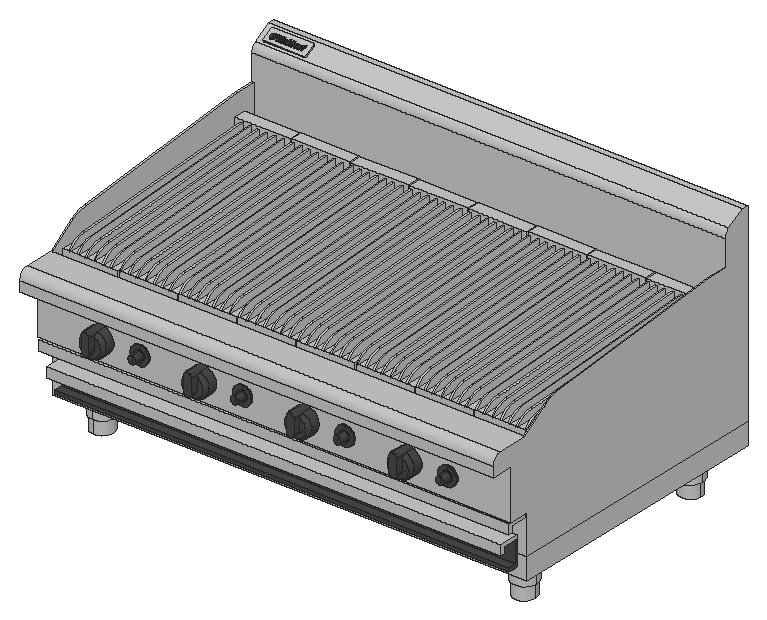
Revit family "QF_MOFFAT WALDORF_CH8120G-B", category Specialty Equipment, Revit 2012 (continued)
Automatic sketch dimensions
  curve 47 to curve 50 = 0 mm
  curve 103 to curve 105 = 0 mm  (x2)
  curve 51 to curve 54 = 0 mm
  curve 99 to curve 101 = 0 mm  (x2)
  curve 55 to curve 58 = 0 mm
  plane 1 "BACK" to curve 79 = 50.526 mm
  curve 95 to curve 97 = 0 mm  (x2)
  curve 59 to curve 65 = 0 mm
  curve 91 to curve 93 = 0 mm  (x2)
  curve 66 to curve 69 = 0 mm
  curve 87 to curve 89 = 0 mm  (x2)
  curve 70 to curve 73 = 0 mm
  curve 83 to curve 85 = 0 mm  (x2)
  plane 1 "BACK" to curve 81 = 22.262 mm
  plane 1 "BACK" to curve 80 = 22.262 mm
  plane 1 "BACK" to curve 76 = 22.262 mm
  plane 1 "BACK" to curve 72 = 22.262 mm
  plane 1 "BACK" to curve 68 = 22.262 mm
  plane 1 "BACK" to curve 61 = 22.262 mm
  plane 1 "BACK" to curve 57 = 22.262 mm
  plane 1 "BACK" to curve 53 = 22.262 mm
  plane 1 "BACK" to curve 49 = 22.262 mm
  plane 1 "BACK" to curve 45 = 22.262 mm
  plane 1 "BACK" to curve 41 = 22.262 mm
  plane 1 "BACK" to curve 37 = 22.262 mm
  plane 1 "BACK" to curve 33 = 22.262 mm
  plane 1 "BACK" to curve 29 = 22.262 mm
  plane 1 "BACK" to curve 25 = 22.262 mm
  plane 1 "BACK" to curve 21 = 22.262 mm
  plane 1 "BACK" to curve 17 = 22.262 mm
  curve 13 to curve 7 = 1.304 mm
  Extrusion 1 sketch curve to plane 5 "FRONT" = 0 mm
  Extrusion 1 sketch curve to plane 6 "TOP" = 0 mm
  Extrusion 1 sketch curve to plane 1 "BACK" = 0 mm  (x2)
  Extrusion 1 sketch curve to plane 5 "FRONT" = 24 mm
  Extrusion 1 sketch curve to plane 5 "FRONT" = 56 mm
  Extrusion 1 sketch curve to Extrusion 1 sketch curve = 44 mm
  Extrusion 1 sketch curve to plane 5 "FRONT" = 106 mm
  Extrusion 1 sketch curve to Extrusion 1 sketch curve = 0 mm
  plane 1 "BACK" to Extrusion 1 sketch curve = 70 mm
  Extrusion 1 sketch curve to plane 6 "TOP" = 24.369 mm
  Extrusion 1 sketch curve to Extrusion 1 sketch curve = 11.291 mm  (x2)
  Extrusion 1 sketch curve to Extrusion 1 sketch curve = 16.5 mm
  Extrusion 1 sketch curve to plane 6 "TOP" = 215 mm
  Extrusion 1 sketch curve to Extrusion 1 sketch curve = 211.074 mm
  Extrusion 1 sketch curve to Extrusion 1 sketch curve = 25 mm
  Extrusion 1 sketch curve to Extrusion 1 sketch curve = 135 mm
  level to Extrusion 1 sketch curve = 140 mm
  Extrusion 1 sketch curve to Extrusion 1 sketch curve = 0.794 mm
  Extrusion 1 sketch curve to Extrusion 1 sketch curve = 54.206 mm
  Extrusion 1 to Split face 1 sketch curve = 1.962 mm
  Split face 1 sketch curve to Extrusion 1 = 14.14 mm
  Split face 1 sketch curve to Extrusion 1 = 129.583 mm
  Split face 1 sketch curve to Split face 1 sketch curve = 20 mm
  Extrusion 1 to Split face 2 sketch curve = 1.962 mm
  Split face 2 sketch curve to Extrusion 1 = 14.14 mm
  Split face 2 sketch curve to Extrusion 1 = 156.5 mm
  Split face 2 sketch curve to Split face 2 sketch curve = 20 mm
  Extrusion 1 to Split face 3 sketch curve = 1.962 mm
  Split face 3 sketch curve to Extrusion 1 = 14.14 mm
  Split face 3 sketch curve to Extrusion 1 = 183.5 mm
  Split face 3 sketch curve to Split face 3 sketch curve = 20 mm
  Extrusion 1 to Split face 4 sketch curve = 1.962 mm
  Split face 4 sketch curve to Extrusion 1 = 14.14 mm
  Split face 4 sketch curve to Extrusion 1 = 210.5 mm
  Split face 4 sketch curve to Split face 4 sketch curve = 20 mm
  Extrusion 1 to Split face 5 sketch curve = 1.962 mm
  Split face 5 sketch curve to Extrusion 1 = 14.14 mm
  Split face 5 sketch curve to Extrusion 1 = 237.5 mm
  Split face 5 sketch curve to Split face 5 sketch curve = 20 mm
  Extrusion 1 to Split face 6 sketch curve = 1.962 mm
  Split face 6 sketch curve to Extrusion 1 = 14.14 mm
  Split face 6 sketch curve to Extrusion 1 = 264.5 mm
  Split face 6 sketch curve to Split face 6 sketch curve = 20 mm
  Extrusion 1 to Split face 7 sketch curve = 1.962 mm
  Split face 7 sketch curve to Extrusion 1 = 14.14 mm
  Split face 7 sketch curve to Extrusion 1 = 291.5 mm
  Split face 7 sketch curve to Split face 7 sketch curve = 20 mm
  Extrusion 1 to Split face 8 sketch curve = 1.962 mm
  Split face 8 sketch curve to Extrusion 1 = 14.14 mm
  Split face 8 sketch curve to Extrusion 1 = 318.5 mm
  Split face 8 sketch curve to Split face 8 sketch curve = 20 mm
  Extrusion 1 to Split face 9 sketch curve = 1.962 mm
  Split face 9 sketch curve to Extrusion 1 = 14.14 mm
  Split face 9 sketch curve to Extrusion 1 = 345.5 mm
  Split face 9 sketch curve to Split face 9 sketch curve = 20 mm
  Extrusion 1 to Split face 10 sketch curve = 1.962 mm
  Split face 10 sketch curve to Extrusion 1 = 14.14 mm
  Split face 10 sketch curve to Extrusion 1 = 372.579 mm
  Split face 10 sketch curve to Split face 10 sketch curve = 20 mm
  Extrusion 1 to Split face 11 sketch curve = 1.962 mm
  Split face 11 sketch curve to Extrusion 1 = 14.14 mm
  Split face 11 sketch curve to Extrusion 1 = 399.534 mm
  Split face 11 sketch curve to Split face 11 sketch curve = 20 mm
  Revolve 4 sketch curve to level = 0 mm
  level to Revolve 4 sketch curve = 35 mm
  Revolve 4 sketch curve to plane 5 "FRONT" = 148.25 mm
  Revolve 4 sketch curve to Revolve 4 sketch curve = 4.25 mm
  Revolve 4 sketch curve to Revolve 4 sketch curve = 27.5 mm  (x2)
  Revolve 4 sketch curve to Revolve 4 sketch curve = 55 mm
  Revolve 4 sketch curve to Revolve 4 sketch curve = 15 mm
  Revolve 4 sketch curve to Revolve 4 sketch curve = 35 mm
  Extrusion 6 sketch curve to plane 5 "FRONT" = 100 mm
  Extrusion 6 sketch curve to Extrusion 6 sketch curve = 64.494 mm
  Extrusion 6 sketch curve to Extrusion 6 sketch curve = 40.449 mm
  Extrusion 6 sketch curve to Extrusion 6 sketch curve = 9.585 mm
  plane 1 "BACK" to Extrusion 6 sketch curve = 121.455 mm
  Extrusion 6 sketch curve to Extrusion 6 sketch curve = 51.455 mm
  Extrusion 6 sketch curve to plane 6 "TOP" = 256.424 mm
  Extrusion 6 sketch curve to Extrusion 6 sketch curve = 1.424 mm
  Extrusion 6 sketch curve to Extrusion 6 sketch curve = 40 mm
  Extrusion 6 sketch curve to Extrusion 6 sketch curve = 45.159 mm
  Extrusion 6 sketch curve to plane 6 "TOP" = 110.8 mm
  Extrusion 7 sketch curve to plane 5 "FRONT" = 100 mm
  Extrusion 7 sketch curve to Extrusion 7 sketch curve = 64.494 mm
  Extrusion 7 sketch curve to Extrusion 7 sketch curve = 40.449 mm
  Extrusion 7 sketch curve to Extrusion 7 sketch curve = 50.034 mm
  plane 1 "BACK" to Extrusion 7 sketch curve = 121.455 mm
  Extrusion 7 sketch curve to Extrusion 7 sketch curve = 51.455 mm
  Extrusion 7 sketch curve to plane 6 "TOP" = 110.8 mm
  Extrusion 7 sketch curve to plane 6 "TOP" = 156.884 mm
  Extrusion 7 sketch curve to Extrusion 7 sketch curve = 12.957 mm
  Extrusion 7 sketch curve to Extrusion 7 sketch curve = 45.159 mm
  Extrusion 7 sketch curve to Extrusion 7 sketch curve = 40 mm
  Revolve 8 sketch curve to plane 5 "FRONT" = 12 mm
  Revolve 8 sketch curve to Revolve 8 sketch curve = 0 mm  (x2)
  Revolve 8 sketch curve to Revolve 8 sketch curve = 11 mm
  Revolve 8 sketch curve to Revolve 8 sketch curve = 12.7 mm
  Revolve 8 sketch curve to Revolve 8 sketch curve = 23 mm
  Revolve 8 sketch curve to Revolve 8 sketch curve = 10 mm
  level to Revolve 8 sketch curve = 297 mm
  Revolve 8 sketch curve to Revolve 8 sketch curve = 5 mm
  Revolve 8 sketch curve to Revolve 8 sketch curve = 26.651 mm
  Revolve 8 sketch curve to Revolve 8 sketch curve = 5.849 mm
  Revolve 10 sketch curve to plane 5 "FRONT" = 12 mm
  Revolve 10 sketch curve to Revolve 10 sketch curve = 0 mm  (x2)
  Revolve 10 sketch curve to Revolve 10 sketch curve = 11 mm
  Revolve 10 sketch curve to Revolve 10 sketch curve = 12.7 mm
  Revolve 10 sketch curve to Revolve 10 sketch curve = 23 mm
  Revolve 10 sketch curve to Revolve 10 sketch curve = 10 mm
  Revolve 10 sketch curve to plane 6 "TOP" = 300.5 mm
  Revolve 10 sketch curve to Revolve 10 sketch curve = 5.849 mm
  Revolve 10 sketch curve to Revolve 10 sketch curve = 27.5 mm
  Revolve 10 sketch curve to Revolve 10 sketch curve = 5 mm
  Revolve 12 sketch curve to plane 5 "FRONT" = 20.12 mm
  Revolve 12 sketch curve to Revolve 12 sketch curve = 6.83 mm
  Revolve 12 sketch curve to Revolve 12 sketch curve = 15.2 mm
  Revolve 12 sketch curve to Revolve 12 sketch curve = 1.144 mm
  Revolve 12 sketch curve to Revolve 12 sketch curve = 3.85 mm
  Revolve 12 sketch curve to Revolve 12 sketch curve = 0 mm  (x2)
  Revolve 12 sketch curve to Revolve 12 sketch curve = 10 mm
  level to Revolve 12 sketch curve = 297 mm
  Revolve 12 sketch curve to Revolve 12 sketch curve = 5 mm
  Revolve 12 sketch curve to Revolve 12 sketch curve = 4.825 mm
  Revolve 12 sketch curve to Revolve 12 sketch curve = 3.025 mm
  Revolve 12 sketch curve to Revolve 12 sketch curve = 11.15 mm
  Revolve 13 sketch curve to plane 5 "FRONT" = 20.12 mm
  Revolve 13 sketch curve to Revolve 13 sketch curve = 6.83 mm
  Revolve 13 sketch curve to Revolve 13 sketch curve = 15.2 mm
  Revolve 13 sketch curve to Revolve 13 sketch curve = 1.144 mm
  Revolve 13 sketch curve to Revolve 13 sketch curve = 3.85 mm
  Revolve 13 sketch curve to Revolve 13 sketch curve = 0 mm  (x2)
  Revolve 13 sketch curve to Revolve 13 sketch curve = 10 mm
  level to Revolve 13 sketch curve = 297 mm
  Revolve 13 sketch curve to Revolve 13 sketch curve = 5 mm
  Revolve 13 sketch curve to Revolve 13 sketch curve = 4.825 mm
  Revolve 13 sketch curve to Revolve 13 sketch curve = 3.025 mm
  Revolve 13 sketch curve to Revolve 13 sketch curve = 11.15 mm
  Extrusion 14 sketch curve to plane 5 "FRONT" = 128 mm
  Extrusion 14 sketch curve to Extrusion 14 sketch curve = 46.148 mm
  Extrusion 14 sketch curve to Extrusion 14 sketch curve = 50.262 mm
  plane 1 "BACK" to Extrusion 14 sketch curve = 132 mm
  Extrusion 14 sketch curve to plane 6 "TOP" = 265.155 mm
  Extrusion 14 sketch curve to plane 6 "TOP" = 219.636 mm
  Extrusion 14 sketch curve to Extrusion 14 sketch curve = 52.486 mm
  Extrusion 15 sketch curve to plane 5 "FRONT" = 128 mm
  Extrusion 15 sketch curve to Extrusion 15 sketch curve = 46.148 mm
  Extrusion 15 sketch curve to Extrusion 15 sketch curve = 4.114 mm
  plane 1 "BACK" to Extrusion 15 sketch curve = 132 mm
  Extrusion 15 sketch curve to plane 6 "TOP" = 265.155 mm
  Extrusion 15 sketch curve to plane 6 "TOP" = 219.636 mm
  Extrusion 15 sketch curve to Extrusion 15 sketch curve = 52.486 mm
  Extrusion 16 sketch curve to plane 5 "FRONT" = 128 mm
  Extrusion 16 sketch curve to Extrusion 16 sketch curve = 46.148 mm
  Extrusion 16 sketch curve to Extrusion 16 sketch curve = 50.262 mm
  plane 1 "BACK" to Extrusion 16 sketch curve = 132 mm
  Extrusion 16 sketch curve to plane 6 "TOP" = 265.155 mm
  Extrusion 16 sketch curve to plane 6 "TOP" = 219.636 mm
  Extrusion 16 sketch curve to Extrusion 16 sketch curve = 52.486 mm
  Extrusion 17 sketch curve to plane 5 "FRONT" = 128 mm
  Extrusion 17 sketch curve to Extrusion 17 sketch curve = 46.148 mm
  Extrusion 17 sketch curve to Extrusion 17 sketch curve = 4.114 mm
  plane 1 "BACK" to Extrusion 17 sketch curve = 132 mm
  Extrusion 17 sketch curve to plane 6 "TOP" = 265.155 mm
  Extrusion 17 sketch curve to plane 6 "TOP" = 219.636 mm
  Extrusion 17 sketch curve to Extrusion 17 sketch curve = 52.486 mm
  Extrusion 18 sketch curve to plane 5 "FRONT" = 128 mm
  Extrusion 18 sketch curve to Extrusion 18 sketch curve = 46.148 mm
  Extrusion 18 sketch curve to Extrusion 18 sketch curve = 50.262 mm
  plane 1 "BACK" to Extrusion 18 sketch curve = 132 mm
  Extrusion 18 sketch curve to plane 6 "TOP" = 265.155 mm
  Extrusion 18 sketch curve to plane 6 "TOP" = 219.636 mm
  Extrusion 18 sketch curve to Extrusion 18 sketch curve = 52.486 mm
  Extrusion 19 sketch curve to plane 5 "FRONT" = 128 mm
  Extrusion 19 sketch curve to Extrusion 19 sketch curve = 46.148 mm
  Extrusion 19 sketch curve to Extrusion 19 sketch curve = 50.262 mm
  plane 1 "BACK" to Extrusion 19 sketch curve = 132 mm
  Extrusion 19 sketch curve to plane 6 "TOP" = 265.155 mm
  Extrusion 19 sketch curve to plane 6 "TOP" = 219.636 mm
  Extrusion 19 sketch curve to Extrusion 19 sketch curve = 52.486 mm
  Extrusion 20 sketch curve to plane 5 "FRONT" = 128 mm
  Extrusion 20 sketch curve to Extrusion 20 sketch curve = 46.148 mm
  Extrusion 20 sketch curve to Extrusion 20 sketch curve = 4.114 mm
  plane 1 "BACK" to Extrusion 20 sketch curve = 132 mm
  Extrusion 20 sketch curve to plane 6 "TOP" = 265.155 mm
  Extrusion 20 sketch curve to plane 6 "TOP" = 219.636 mm
  Extrusion 20 sketch curve to Extrusion 20 sketch curve = 52.486 mm
  Extrusion 21 sketch curve to plane 5 "FRONT" = 128 mm
  Extrusion 21 sketch curve to Extrusion 21 sketch curve = 46.148 mm
  Extrusion 21 sketch curve to Extrusion 21 sketch curve = 50.262 mm
  plane 1 "BACK" to Extrusion 21 sketch curve = 132 mm
  Extrusion 21 sketch curve to plane 6 "TOP" = 265.155 mm
  Extrusion 21 sketch curve to plane 6 "TOP" = 219.636 mm
  Extrusion 21 sketch curve to Extrusion 21 sketch curve = 52.486 mm
  Extrusion 22 sketch curve to plane 5 "FRONT" = 128 mm
  Extrusion 22 sketch curve to Extrusion 22 sketch curve = 46.148 mm
  Extrusion 22 sketch curve to Extrusion 22 sketch curve = 4.114 mm
  plane 1 "BACK" to Extrusion 22 sketch curve = 132 mm
  Extrusion 22 sketch curve to plane 6 "TOP" = 265.155 mm
  Extrusion 22 sketch curve to plane 6 "TOP" = 219.636 mm
  Extrusion 22 sketch curve to Extrusion 22 sketch curve = 52.486 mm
  Extrusion 23 sketch curve to plane 5 "FRONT" = 128 mm
  Extrusion 23 sketch curve to Extrusion 23 sketch curve = 46.148 mm
  Extrusion 23 sketch curve to Extrusion 23 sketch curve = 50.262 mm
  plane 1 "BACK" to Extrusion 23 sketch curve = 132 mm
  Extrusion 23 sketch curve to plane 6 "TOP" = 265.155 mm
  Extrusion 23 sketch curve to plane 6 "TOP" = 219.636 mm
  Extrusion 23 sketch curve to Extrusion 23 sketch curve = 52.486 mm
  Extrusion 24 sketch curve to plane 5 "FRONT" = 128 mm
  Extrusion 24 sketch curve to Extrusion 24 sketch curve = 46.148 mm
  Extrusion 24 sketch curve to Extrusion 24 sketch curve = 4.114 mm
  plane 1 "BACK" to Extrusion 24 sketch curve = 132 mm
  Extrusion 24 sketch curve to plane 6 "TOP" = 265.155 mm
  Extrusion 24 sketch curve to plane 6 "TOP" = 219.636 mm
  Extrusion 24 sketch curve to Extrusion 24 sketch curve = 52.486 mm
  Extrusion 25 sketch curve to plane 5 "FRONT" = 128 mm
  Extrusion 25 sketch curve to Extrusion 25 sketch curve = 46.148 mm
  Extrusion 25 sketch curve to Extrusion 25 sketch curve = 4.114 mm
  plane 1 "BACK" to Extrusion 25 sketch curve = 132 mm
  Extrusion 25 sketch curve to plane 6 "TOP" = 265.155 mm
  Extrusion 25 sketch curve to plane 6 "TOP" = 219.636 mm
  Extrusion 25 sketch curve to Extrusion 25 sketch curve = 52.486 mm
  Extrusion 26 sketch curve to plane 5 "FRONT" = 128 mm
  Extrusion 26 sketch curve to Extrusion 26 sketch curve = 46.148 mm
  Extrusion 26 sketch curve to Extrusion 26 sketch curve = 4.114 mm
  plane 1 "BACK" to Extrusion 26 sketch curve = 132 mm
  Extrusion 26 sketch curve to plane 6 "TOP" = 265.155 mm
  Extrusion 26 sketch curve to plane 6 "TOP" = 219.636 mm
  Extrusion 26 sketch curve to Extrusion 26 sketch curve = 52.486 mm
  Extrusion 27 sketch curve to plane 5 "FRONT" = 128 mm
  Extrusion 27 sketch curve to Extrusion 27 sketch curve = 46.148 mm
  Extrusion 27 sketch curve to Extrusion 27 sketch curve = 4.114 mm
  plane 1 "BACK" to Extrusion 27 sketch curve = 132 mm
  Extrusion 27 sketch curve to plane 6 "TOP" = 265.155 mm
  Extrusion 27 sketch curve to plane 6 "TOP" = 219.636 mm
  Extrusion 27 sketch curve to Extrusion 27 sketch curve = 52.486 mm
  Extrusion 28 sketch curve to plane 5 "FRONT" = 128 mm
  Extrusion 28 sketch curve to Extrusion 28 sketch curve = 46.148 mm
  Extrusion 28 sketch curve to Extrusion 28 sketch curve = 4.114 mm
  plane 1 "BACK" to Extrusion 28 sketch curve = 132 mm
  Extrusion 28 sketch curve to plane 6 "TOP" = 265.155 mm
  Extrusion 28 sketch curve to plane 6 "TOP" = 219.636 mm
  Extrusion 28 sketch curve to Extrusion 28 sketch curve = 52.486 mm
  Extrusion 29 sketch curve to plane 5 "FRONT" = 128 mm
  Extrusion 29 sketch curve to Extrusion 29 sketch curve = 46.148 mm
  Extrusion 29 sketch curve to Extrusion 29 sketch curve = 50.262 mm
  plane 1 "BACK" to Extrusion 29 sketch curve = 132 mm
  Extrusion 29 sketch curve to plane 6 "TOP" = 265.155 mm
  Extrusion 29 sketch curve to plane 6 "TOP" = 219.636 mm
  Extrusion 29 sketch curve to Extrusion 29 sketch curve = 52.486 mm
  Extrusion 30 sketch curve to plane 5 "FRONT" = 128 mm
  Extrusion 30 sketch curve to Extrusion 30 sketch curve = 46.148 mm
  Extrusion 30 sketch curve to Extrusion 30 sketch curve = 50.262 mm
  plane 1 "BACK" to Extrusion 30 sketch curve = 132 mm
  Extrusion 30 sketch curve to plane 6 "TOP" = 265.155 mm
  Extrusion 30 sketch curve to plane 6 "TOP" = 219.636 mm
  Extrusion 30 sketch curve to Extrusion 30 sketch curve = 52.486 mm
  Extrusion 31 sketch curve to plane 5 "FRONT" = 128 mm
  Extrusion 31 sketch curve to Extrusion 31 sketch curve = 46.148 mm
  Extrusion 31 sketch curve to Extrusion 31 sketch curve = 4.114 mm
  plane 1 "BACK" to Extrusion 31 sketch curve = 132 mm
  Extrusion 31 sketch curve to plane 6 "TOP" = 265.155 mm
  Extrusion 31 sketch curve to plane 6 "TOP" = 219.636 mm
  Extrusion 31 sketch curve to Extrusion 31 sketch curve = 52.486 mm
  Extrusion 32 sketch curve to plane 5 "FRONT" = 128 mm
  Extrusion 32 sketch curve to Extrusion 32 sketch curve = 46.148 mm
  Extrusion 32 sketch curve to Extrusion 32 sketch curve = 50.262 mm
  plane 1 "BACK" to Extrusion 32 sketch curve = 132 mm
  Extrusion 32 sketch curve to plane 6 "TOP" = 265.155 mm
  Extrusion 32 sketch curve to plane 6 "TOP" = 219.636 mm
  Extrusion 32 sketch curve to Extrusion 32 sketch curve = 52.486 mm
  Extrusion 33 sketch curve to plane 5 "FRONT" = 128 mm
  Extrusion 33 sketch curve to Extrusion 33 sketch curve = 46.148 mm
  Extrusion 33 sketch curve to Extrusion 33 sketch curve = 4.114 mm
  plane 1 "BACK" to Extrusion 33 sketch curve = 132 mm
  Extrusion 33 sketch curve to plane 6 "TOP" = 265.155 mm
  Extrusion 33 sketch curve to plane 6 "TOP" = 219.636 mm
  Extrusion 33 sketch curve to Extrusion 33 sketch curve = 52.486 mm
  Extrusion 34 sketch curve to plane 5 "FRONT" = 128 mm
  Extrusion 34 sketch curve to Extrusion 34 sketch curve = 46.148 mm
  Extrusion 34 sketch curve to Extrusion 34 sketch curve = 4.114 mm
  plane 1 "BACK" to Extrusion 34 sketch curve = 132 mm
  Extrusion 34 sketch curve to plane 6 "TOP" = 265.155 mm
  Extrusion 34 sketch curve to Extrusion 34 sketch curve = 45.518 mm
  Extrusion 34 sketch curve to Extrusion 34 sketch curve = 52.486 mm
  Extrusion 35 sketch curve to plane 5 "FRONT" = 128 mm
  Extrusion 35 sketch curve to Extrusion 35 sketch curve = 46.148 mm
  Extrusion 35 sketch curve to Extrusion 35 sketch curve = 50.262 mm
  plane 1 "BACK" to Extrusion 35 sketch curve = 132 mm
  Extrusion 35 sketch curve to plane 6 "TOP" = 265.155 mm
  Extrusion 35 sketch curve to plane 6 "TOP" = 219.636 mm
  Extrusion 35 sketch curve to Extrusion 35 sketch curve = 52.486 mm
  Extrusion 36 sketch curve to plane 5 "FRONT" = 128 mm
  Extrusion 36 sketch curve to Extrusion 36 sketch curve = 46.148 mm
  Extrusion 36 sketch curve to Extrusion 36 sketch curve = 4.114 mm
  plane 1 "BACK" to Extrusion 36 sketch curve = 132 mm
  Extrusion 36 sketch curve to plane 6 "TOP" = 265.155 mm
  Extrusion 36 sketch curve to plane 6 "TOP" = 219.636 mm
  Extrusion 36 sketch curve to Extrusion 36 sketch curve = 52.486 mm
  Extrusion 37 sketch curve to plane 5 "FRONT" = 128 mm
  Extrusion 37 sketch curve to Extrusion 37 sketch curve = 46.148 mm
  Extrusion 37 sketch curve to Extrusion 37 sketch curve = 4.114 mm
  plane 1 "BACK" to Extrusion 37 sketch curve = 132 mm
  Extrusion 37 sketch curve to plane 6 "TOP" = 265.155 mm
  Extrusion 37 sketch curve to plane 6 "TOP" = 219.636 mm
  Extrusion 37 sketch curve to Extrusion 37 sketch curve = 52.486 mm
  Extrusion 38 sketch curve to plane 5 "FRONT" = 128 mm
  Extrusion 38 sketch curve to Extrusion 38 sketch curve = 46.148 mm
  Extrusion 38 sketch curve to Extrusion 38 sketch curve = 50.262 mm
  plane 1 "BACK" to Extrusion 38 sketch curve = 132 mm
  Extrusion 38 sketch curve to plane 6 "TOP" = 265.155 mm
  Extrusion 38 sketch curve to plane 6 "TOP" = 219.636 mm
  Extrusion 38 sketch curve to Extrusion 38 sketch curve = 52.486 mm
  Extrusion 39 sketch curve to plane 5 "FRONT" = 128 mm
  Extrusion 39 sketch curve to Extrusion 39 sketch curve = 46.148 mm
  Extrusion 39 sketch curve to Extrusion 39 sketch curve = 50.262 mm
  plane 1 "BACK" to Extrusion 39 sketch curve = 132 mm
  Extrusion 39 sketch curve to plane 6 "TOP" = 265.155 mm
  Extrusion 39 sketch curve to plane 6 "TOP" = 219.636 mm
  Extrusion 39 sketch curve to Extrusion 39 sketch curve = 52.486 mm
  Extrusion 40 sketch curve to plane 5 "FRONT" = 128 mm
  Extrusion 40 sketch curve to Extrusion 40 sketch curve = 46.148 mm
  Extrusion 40 sketch curve to Extrusion 40 sketch curve = 4.114 mm
  plane 1 "BACK" to Extrusion 40 sketch curve = 132 mm
  Extrusion 40 sketch curve to plane 6 "TOP" = 265.155 mm
  Extrusion 40 sketch curve to plane 6 "TOP" = 219.636 mm
  Extrusion 40 sketch curve to Extrusion 40 sketch curve = 52.486 mm
  Extrusion 42 sketch curve to plane 5 "FRONT" = 81 mm
  Extrusion 42 sketch curve to Extrusion 42 sketch curve = 20 mm
  Extrusion 42 sketch curve to Extrusion 42 sketch curve = 18.654 mm
  level to Extrusion 42 sketch curve = 108.047 mm
  Extrusion 42 sketch curve to Extrusion 42 sketch curve = 10 mm
  Extrusion 42 sketch curve to Extrusion 42 sketch curve = 53.75 mm
  Extrusion 43 sketch curve to plane 5 "FRONT" = 53.73 mm
  Extrusion 43 sketch curve to Extrusion 43 sketch curve = 10 mm  (x2)
  Extrusion 43 sketch curve to Extrusion 43 sketch curve = 42.27 mm
  level to Extrusion 43 sketch curve = 211.219 mm
  Extrusion 43 sketch curve to Extrusion 43 sketch curve = 15 mm
  Split face 12 sketch curve to cut or joined group of Extrusion 1, Extrusion 6, Extrusion 7 = 1.25 mm
  Split face 12 sketch curve to cut or joined group of Extrusion 1, Extrusion 6, Extrusion 7 = 24.993 mm
  cut or joined group of Extrusion 1, Extrusion 6, Extrusion 7 to Split face 12 sketch curve = 1.25 mm
  Split face 12 sketch curve to cut or joined group of Extrusion 1, Extrusion 6, Extrusion 7 = 25.12 mm
  Extrusion 44 sketch curve to plane 5 "FRONT" = 53.73 mm
  Extrusion 44 sketch curve to Extrusion 44 sketch curve = 10 mm  (x2)
  Extrusion 44 sketch curve to Extrusion 44 sketch curve = 55.924 mm
  level to Extrusion 44 sketch curve = 156.797 mm
  Extrusion 44 sketch curve to Extrusion 44 sketch curve = 15 mm
  Extrusion 45 sketch curve to plane 5 "FRONT" = 128 mm
  plane 1 "BACK" to Extrusion 45 sketch curve = 132 mm
  Extrusion 45 sketch curve to Extrusion 45 sketch curve = 30 mm
  Extrusion 45 sketch curve to plane 6 "TOP" = 255 mm
  Extrusion 45 sketch curve to Extrusion 45 sketch curve = 35.364 mm
  Extrusion 45 sketch curve to Extrusion 45 sketch curve = 59.636 mm
  Extrusion 46 sketch curve to plane 5 "FRONT" = 128 mm
  plane 1 "BACK" to Extrusion 46 sketch curve = 132 mm
  Extrusion 46 sketch curve to Extrusion 46 sketch curve = 30 mm
  Extrusion 46 sketch curve to plane 6 "TOP" = 255 mm
  Extrusion 46 sketch curve to Extrusion 46 sketch curve = 35.364 mm
  Extrusion 46 sketch curve to Extrusion 46 sketch curve = 59.636 mm
  Extrusion 47 sketch curve to plane 5 "FRONT" = 128 mm
  plane 1 "BACK" to Extrusion 47 sketch curve = 132 mm
  Extrusion 47 sketch curve to Extrusion 47 sketch curve = 30 mm
  Extrusion 47 sketch curve to plane 6 "TOP" = 255 mm
  Extrusion 47 sketch curve to Extrusion 47 sketch curve = 35.364 mm
  Extrusion 47 sketch curve to Extrusion 47 sketch curve = 59.636 mm
  Extrusion 48 sketch curve to plane 5 "FRONT" = 128 mm
  plane 1 "BACK" to Extrusion 48 sketch curve = 132 mm
  Extrusion 48 sketch curve to Extrusion 48 sketch curve = 30 mm
  Extrusion 48 sketch curve to plane 6 "TOP" = 255 mm
  Extrusion 48 sketch curve to Extrusion 48 sketch curve = 35.364 mm
  Extrusion 48 sketch curve to Extrusion 48 sketch curve = 59.636 mm
  Extrusion 49 sketch curve to plane 5 "FRONT" = 128 mm
  Extrusion 49 sketch curve to Extrusion 49 sketch curve = 46.148 mm
  Extrusion 49 sketch curve to Extrusion 49 sketch curve = 50.262 mm
  plane 1 "BACK" to Extrusion 49 sketch curve = 132 mm
  Extrusion 49 sketch curve to plane 6 "TOP" = 265.155 mm
  Extrusion 49 sketch curve to Extrusion 49 sketch curve = 45.518 mm
  Extrusion 49 sketch curve to Extrusion 49 sketch curve = 52.486 mm
  Extrusion 50 sketch curve to plane 5 "FRONT" = 128 mm
  Extrusion 50 sketch curve to Extrusion 50 sketch curve = 46.148 mm
  Extrusion 50 sketch curve to Extrusion 50 sketch curve = 4.114 mm
  plane 1 "BACK" to Extrusion 50 sketch curve = 132 mm
  Extrusion 50 sketch curve to plane 6 "TOP" = 265.155 mm
  Extrusion 50 sketch curve to plane 6 "TOP" = 219.636 mm
  Extrusion 50 sketch curve to Extrusion 50 sketch curve = 52.486 mm
  Extrusion 51 sketch curve to plane 5 "FRONT" = 128 mm
  Extrusion 51 sketch curve to Extrusion 51 sketch curve = 46.148 mm
  Extrusion 51 sketch curve to Extrusion 51 sketch curve = 4.114 mm
  plane 1 "BACK" to Extrusion 51 sketch curve = 132 mm
  Extrusion 51 sketch curve to plane 6 "TOP" = 265.155 mm
  Extrusion 51 sketch curve to plane 6 "TOP" = 219.636 mm
  Extrusion 51 sketch curve to Extrusion 51 sketch curve = 52.486 mm
  Extrusion 52 sketch curve to plane 5 "FRONT" = 128 mm
  Extrusion 52 sketch curve to Extrusion 52 sketch curve = 46.148 mm
  Extrusion 52 sketch curve to Extrusion 52 sketch curve = 4.114 mm
  plane 1 "BACK" to Extrusion 52 sketch curve = 132 mm
  Extrusion 52 sketch curve to plane 6 "TOP" = 265.155 mm
  Extrusion 52 sketch curve to plane 6 "TOP" = 219.636 mm
  Extrusion 52 sketch curve to Extrusion 52 sketch curve = 52.486 mm
  Extrusion 53 sketch curve to plane 5 "FRONT" = 128 mm
  Extrusion 53 sketch curve to Extrusion 53 sketch curve = 46.148 mm
  Extrusion 53 sketch curve to Extrusion 53 sketch curve = 4.114 mm
  plane 1 "BACK" to Extrusion 53 sketch curve = 132 mm
  Extrusion 53 sketch curve to plane 6 "TOP" = 265.155 mm
  Extrusion 53 sketch curve to plane 6 "TOP" = 219.636 mm
  Extrusion 53 sketch curve to Extrusion 53 sketch curve = 52.486 mm
  Extrusion 54 sketch curve to plane 5 "FRONT" = 128 mm
  Extrusion 54 sketch curve to Extrusion 54 sketch curve = 46.148 mm
  Extrusion 54 sketch curve to Extrusion 54 sketch curve = 4.114 mm
  plane 1 "BACK" to Extrusion 54 sketch curve = 132 mm
  Extrusion 54 sketch curve to plane 6 "TOP" = 265.155 mm
  Extrusion 54 sketch curve to plane 6 "TOP" = 219.636 mm
  Extrusion 54 sketch curve to Extrusion 54 sketch curve = 52.486 mm
  Extrusion 55 sketch curve to plane 5 "FRONT" = 128 mm
  Extrusion 55 sketch curve to Extrusion 55 sketch curve = 46.148 mm
  Extrusion 55 sketch curve to Extrusion 55 sketch curve = 4.114 mm
  plane 1 "BACK" to Extrusion 55 sketch curve = 132 mm
  Extrusion 55 sketch curve to plane 6 "TOP" = 265.155 mm
  Extrusion 55 sketch curve to plane 6 "TOP" = 219.636 mm
  Extrusion 55 sketch curve to Extrusion 55 sketch curve = 52.486 mm
  Extrusion 56 sketch curve to plane 5 "FRONT" = 128 mm
  plane 1 "BACK" to Extrusion 56 sketch curve = 132 mm
  Extrusion 56 sketch curve to Extrusion 56 sketch curve = 30 mm
  Extrusion 56 sketch curve to plane 6 "TOP" = 255 mm
  Extrusion 56 sketch curve to Extrusion 56 sketch curve = 35.364 mm
  Extrusion 56 sketch curve to Extrusion 56 sketch curve = 59.636 mm
  Extrusion 57 sketch curve to plane 5 "FRONT" = 128 mm
  Extrusion 57 sketch curve to Extrusion 57 sketch curve = 46.148 mm
  Extrusion 57 sketch curve to Extrusion 57 sketch curve = 50.262 mm
  plane 1 "BACK" to Extrusion 57 sketch curve = 132 mm
  Extrusion 57 sketch curve to plane 6 "TOP" = 265.155 mm
  Extrusion 57 sketch curve to Extrusion 57 sketch curve = 45.518 mm
  Extrusion 57 sketch curve to Extrusion 57 sketch curve = 52.486 mm
  Extrusion 58 sketch curve to plane 5 "FRONT" = 128 mm
  Extrusion 58 sketch curve to Extrusion 58 sketch curve = 46.148 mm
  Extrusion 58 sketch curve to Extrusion 58 sketch curve = 4.114 mm
  plane 1 "BACK" to Extrusion 58 sketch curve = 132 mm
  Extrusion 58 sketch curve to plane 6 "TOP" = 265.155 mm
  Extrusion 58 sketch curve to plane 6 "TOP" = 219.636 mm
  Extrusion 58 sketch curve to Extrusion 58 sketch curve = 52.486 mm
  Extrusion 59 sketch curve to plane 5 "FRONT" = 128 mm
  Extrusion 59 sketch curve to Extrusion 59 sketch curve = 46.148 mm
  Extrusion 59 sketch curve to Extrusion 59 sketch curve = 4.114 mm
  plane 1 "BACK" to Extrusion 59 sketch curve = 132 mm
  Extrusion 59 sketch curve to plane 6 "TOP" = 265.155 mm
  Extrusion 59 sketch curve to plane 6 "TOP" = 219.636 mm
  Extrusion 59 sketch curve to Extrusion 59 sketch curve = 52.486 mm
  Extrusion 60 sketch curve to plane 5 "FRONT" = 128 mm
  Extrusion 60 sketch curve to Extrusion 60 sketch curve = 46.148 mm
  Extrusion 60 sketch curve to Extrusion 60 sketch curve = 4.114 mm
  plane 1 "BACK" to Extrusion 60 sketch curve = 132 mm
  Extrusion 60 sketch curve to plane 6 "TOP" = 265.155 mm
  Extrusion 60 sketch curve to plane 6 "TOP" = 219.636 mm
  Extrusion 60 sketch curve to Extrusion 60 sketch curve = 52.486 mm
  Extrusion 61 sketch curve to plane 5 "FRONT" = 128 mm
  Extrusion 61 sketch curve to Extrusion 61 sketch curve = 46.148 mm
  Extrusion 61 sketch curve to Extrusion 61 sketch curve = 4.114 mm
  plane 1 "BACK" to Extrusion 61 sketch curve = 132 mm
  Extrusion 61 sketch curve to plane 6 "TOP" = 265.155 mm
  Extrusion 61 sketch curve to plane 6 "TOP" = 219.636 mm
  Extrusion 61 sketch curve to Extrusion 61 sketch curve = 52.486 mm
  Extrusion 62 sketch curve to plane 5 "FRONT" = 128 mm
  Extrusion 62 sketch curve to Extrusion 62 sketch curve = 46.148 mm
  Extrusion 62 sketch curve to Extrusion 62 sketch curve = 4.114 mm
  plane 1 "BACK" to Extrusion 62 sketch curve = 132 mm
  Extrusion 62 sketch curve to plane 6 "TOP" = 265.155 mm
  Extrusion 62 sketch curve to plane 6 "TOP" = 219.636 mm
  Extrusion 62 sketch curve to Extrusion 62 sketch curve = 52.486 mm
  Extrusion 63 sketch curve to plane 5 "FRONT" = 128 mm
  Extrusion 63 sketch curve to Extrusion 63 sketch curve = 46.148 mm
  Extrusion 63 sketch curve to Extrusion 63 sketch curve = 4.114 mm
  plane 1 "BACK" to Extrusion 63 sketch curve = 132 mm
  Extrusion 63 sketch curve to plane 6 "TOP" = 265.155 mm
  Extrusion 63 sketch curve to plane 6 "TOP" = 219.636 mm
  Extrusion 63 sketch curve to Extrusion 63 sketch curve = 52.486 mm
  Extrusion 64 sketch curve to plane 5 "FRONT" = 128 mm
  plane 1 "BACK" to Extrusion 64 sketch curve = 132 mm
  Extrusion 64 sketch curve to Extrusion 64 sketch curve = 30 mm
  Extrusion 64 sketch curve to plane 6 "TOP" = 255 mm
  Extrusion 64 sketch curve to Extrusion 64 sketch curve = 35.364 mm
  Extrusion 64 sketch curve to Extrusion 64 sketch curve = 59.636 mm
  Extrusion 1 to Split face 13 sketch curve = 1.962 mm
  Split face 13 sketch curve to Extrusion 1 = 14.14 mm
  Split face 13 sketch curve to Extrusion 1 = 426.534 mm
  Split face 13 sketch curve to Split face 13 sketch curve = 20 mm
  Extrusion 1 to Split face 14 sketch curve = 1.962 mm
  Split face 14 sketch curve to Extrusion 1 = 14.14 mm
  Split face 14 sketch curve to Extrusion 1 = 453.567 mm
  Split face 14 sketch curve to Split face 14 sketch curve = 20 mm
  Extrusion 1 to Split face 15 sketch curve = 1.962 mm
  Split face 15 sketch curve to Extrusion 1 = 14.14 mm
  Split face 15 sketch curve to Extrusion 1 = 480.567 mm
  Split face 15 sketch curve to Split face 15 sketch curve = 20 mm
  Extrusion 1 to Split face 16 sketch curve = 1.962 mm
  Split face 16 sketch curve to Extrusion 1 = 14.14 mm
  Split face 16 sketch curve to Extrusion 1 = 507.567 mm
  Split face 16 sketch curve to Split face 16 sketch curve = 20 mm
  Extrusion 1 to Split face 17 sketch curve = 1.962 mm
  Split face 17 sketch curve to Extrusion 1 = 14.14 mm
  Split face 17 sketch curve to Extrusion 1 = 534.567 mm
  Split face 17 sketch curve to Split face 17 sketch curve = 20 mm
  Extrusion 1 to Split face 18 sketch curve = 1.962 mm
  Split face 18 sketch curve to Extrusion 1 = 14.14 mm
  Split face 18 sketch curve to Extrusion 1 = 561.567 mm
  Split face 18 sketch curve to Split face 18 sketch curve = 20 mm
  Extrusion 1 to Split face 19 sketch curve = 1.962 mm
  Split face 19 sketch curve to Extrusion 1 = 14.14 mm
  Split face 19 sketch curve to Extrusion 1 = 588.567 mm
  Split face 19 sketch curve to Split face 19 sketch curve = 20 mm
  Extrusion 1 to Split face 20 sketch curve = 1.962 mm
  Split face 20 sketch curve to Extrusion 1 = 14.14 mm
  Split face 20 sketch curve to Extrusion 1 = 584.433 mm
  Split face 20 sketch curve to Split face 20 sketch curve = 20 mm
  Extrusion 1 to Split face 21 sketch curve = 1.962 mm
  Split face 21 sketch curve to Extrusion 1 = 14.14 mm
  Split face 21 sketch curve to Extrusion 1 = 557.466 mm
  Split face 21 sketch curve to Split face 21 sketch curve = 20 mm
  Extrusion 1 to Split face 22 sketch curve = 1.962 mm
  Split face 22 sketch curve to Extrusion 1 = 14.14 mm
  Split face 22 sketch curve to Extrusion 1 = 530.466 mm
  Split face 22 sketch curve to Split face 22 sketch curve = 20 mm
  Extrusion 1 to Split face 23 sketch curve = 1.962 mm
  Split face 23 sketch curve to Extrusion 1 = 14.14 mm
  Split face 23 sketch curve to Extrusion 1 = 503.466 mm
  Split face 23 sketch curve to Split face 23 sketch curve = 20 mm
  Extrusion 1 to Split face 24 sketch curve = 1.962 mm
  Split face 24 sketch curve to Extrusion 1 = 14.14 mm
  Split face 24 sketch curve to Extrusion 1 = 476.466 mm
  Split face 24 sketch curve to Split face 24 sketch curve = 20 mm
  Extrusion 1 to Split face 25 sketch curve = 1.962 mm
  Split face 25 sketch curve to Extrusion 1 = 14.14 mm
  Split face 25 sketch curve to Extrusion 1 = 449.466 mm
  Split face 25 sketch curve to Split face 25 sketch curve = 20 mm
  Revolve 65 sketch curve to plane 5 "FRONT" = 12 mm
  Revolve 65 sketch curve to Revolve 65 sketch curve = 0 mm  (x2)
  Revolve 65 sketch curve to Revolve 65 sketch curve = 11 mm
  Revolve 65 sketch curve to Revolve 65 sketch curve = 12.7 mm
  Revolve 65 sketch curve to Revolve 65 sketch curve = 23 mm
  Revolve 65 sketch curve to Revolve 65 sketch curve = 10 mm
  Revolve 65 sketch curve to plane 6 "TOP" = 300.5 mm
  Revolve 65 sketch curve to Revolve 65 sketch curve = 5.849 mm
  Revolve 65 sketch curve to Revolve 65 sketch curve = 27.5 mm
  Revolve 65 sketch curve to Revolve 65 sketch curve = 5 mm
  Revolve 67 sketch curve to plane 5 "FRONT" = 20.12 mm
  Revolve 67 sketch curve to Revolve 67 sketch curve = 6.83 mm
  Revolve 67 sketch curve to Revolve 67 sketch curve = 15.2 mm
  Revolve 67 sketch curve to Revolve 67 sketch curve = 1.144 mm
  Revolve 67 sketch curve to Revolve 67 sketch curve = 3.85 mm
  Revolve 67 sketch curve to Revolve 67 sketch curve = 0 mm  (x2)
  Revolve 67 sketch curve to Revolve 67 sketch curve = 10 mm
  level to Revolve 67 sketch curve = 297 mm
  Revolve 67 sketch curve to Revolve 67 sketch curve = 5 mm
  Revolve 67 sketch curve to Revolve 67 sketch curve = 4.825 mm
  Revolve 67 sketch curve to Revolve 67 sketch curve = 3.025 mm
  Revolve 67 sketch curve to Revolve 67 sketch curve = 11.15 mm
  Revolve 68 sketch curve to plane 5 "FRONT" = 12 mm
  Revolve 68 sketch curve to Revolve 68 sketch curve = 0 mm  (x2)
  Revolve 68 sketch curve to Revolve 68 sketch curve = 11 mm
  Revolve 68 sketch curve to Revolve 68 sketch curve = 12.7 mm
  Revolve 68 sketch curve to Revolve 68 sketch curve = 23 mm
  Revolve 68 sketch curve to Revolve 68 sketch curve = 10 mm
  Revolve 68 sketch curve to plane 6 "TOP" = 300.5 mm
  Revolve 68 sketch curve to Revolve 68 sketch curve = 5.849 mm
  Revolve 68 sketch curve to Revolve 68 sketch curve = 27.5 mm
  Revolve 68 sketch curve to Revolve 68 sketch curve = 5 mm
  plane 4 "RIGHT" to Extrusion 69 sketch curve = 241.991 mm
  Extrusion 69 sketch curve to Extrusion 69 sketch curve = 10 mm
  Extrusion 69 sketch curve to plane 6 "TOP" = 306 mm
  Extrusion 69 sketch curve to Extrusion 69 sketch curve = 35 mm
  Revolve 70 sketch curve to plane 5 "FRONT" = 20.12 mm
  Revolve 70 sketch curve to Revolve 70 sketch curve = 6.83 mm
  Revolve 70 sketch curve to Revolve 70 sketch curve = 15.2 mm
  Revolve 70 sketch curve to Revolve 70 sketch curve = 1.144 mm
  Revolve 70 sketch curve to Revolve 70 sketch curve = 3.85 mm
  Revolve 70 sketch curve to Revolve 70 sketch curve = 0 mm  (x2)
  Revolve 70 sketch curve to Revolve 70 sketch curve = 10 mm
  level to Revolve 70 sketch curve = 297 mm
  Revolve 70 sketch curve to Revolve 70 sketch curve = 5 mm
  Revolve 70 sketch curve to Revolve 70 sketch curve = 4.825 mm
  Revolve 70 sketch curve to Revolve 70 sketch curve = 3.025 mm
  Revolve 70 sketch curve to Revolve 70 sketch curve = 11.15 mm
  Extrusion 71 sketch curve to plane 5 "FRONT" = 128 mm
  Extrusion 71 sketch curve to Extrusion 71 sketch curve = 46.148 mm
  Extrusion 71 sketch curve to Extrusion 71 sketch curve = 50.262 mm
  plane 1 "BACK" to Extrusion 71 sketch curve = 132 mm
  Extrusion 71 sketch curve to plane 6 "TOP" = 265.155 mm
  Extrusion 71 sketch curve to Extrusion 71 sketch curve = 45.518 mm
  Extrusion 71 sketch curve to Extrusion 71 sketch curve = 52.486 mm
  Extrusion 72 sketch curve to plane 5 "FRONT" = 128 mm
  Extrusion 72 sketch curve to Extrusion 72 sketch curve = 46.148 mm
  Extrusion 72 sketch curve to Extrusion 72 sketch curve = 4.114 mm
  plane 1 "BACK" to Extrusion 72 sketch curve = 132 mm
  Extrusion 72 sketch curve to plane 6 "TOP" = 265.155 mm
  Extrusion 72 sketch curve to plane 6 "TOP" = 219.636 mm
  Extrusion 72 sketch curve to Extrusion 72 sketch curve = 52.486 mm
  Extrusion 73 sketch curve to plane 5 "FRONT" = 128 mm
  Extrusion 73 sketch curve to Extrusion 73 sketch curve = 46.148 mm
  Extrusion 73 sketch curve to Extrusion 73 sketch curve = 4.114 mm
  plane 1 "BACK" to Extrusion 73 sketch curve = 132 mm
  Extrusion 73 sketch curve to plane 6 "TOP" = 265.155 mm
  Extrusion 73 sketch curve to plane 6 "TOP" = 219.636 mm
  Extrusion 73 sketch curve to Extrusion 73 sketch curve = 52.486 mm
  Extrusion 74 sketch curve to plane 5 "FRONT" = 128 mm
  Extrusion 74 sketch curve to Extrusion 74 sketch curve = 46.148 mm
  Extrusion 74 sketch curve to Extrusion 74 sketch curve = 4.114 mm
  plane 1 "BACK" to Extrusion 74 sketch curve = 132 mm
  Extrusion 74 sketch curve to plane 6 "TOP" = 265.155 mm
  Extrusion 74 sketch curve to plane 6 "TOP" = 219.636 mm
  Extrusion 74 sketch curve to Extrusion 74 sketch curve = 52.486 mm
  Extrusion 75 sketch curve to plane 5 "FRONT" = 128 mm
  Extrusion 75 sketch curve to Extrusion 75 sketch curve = 46.148 mm
  Extrusion 75 sketch curve to Extrusion 75 sketch curve = 4.114 mm
  plane 1 "BACK" to Extrusion 75 sketch curve = 132 mm
  Extrusion 75 sketch curve to plane 6 "TOP" = 265.155 mm
  Extrusion 75 sketch curve to plane 6 "TOP" = 219.636 mm
  Extrusion 75 sketch curve to Extrusion 75 sketch curve = 52.486 mm
  Extrusion 76 sketch curve to plane 5 "FRONT" = 128 mm
  Extrusion 76 sketch curve to Extrusion 76 sketch curve = 46.148 mm
  Extrusion 76 sketch curve to Extrusion 76 sketch curve = 4.114 mm
  plane 1 "BACK" to Extrusion 76 sketch curve = 132 mm
  Extrusion 76 sketch curve to plane 6 "TOP" = 265.155 mm
  Extrusion 76 sketch curve to plane 6 "TOP" = 219.636 mm
  Extrusion 76 sketch curve to Extrusion 76 sketch curve = 52.486 mm
  Extrusion 77 sketch curve to plane 5 "FRONT" = 128 mm
  Extrusion 77 sketch curve to Extrusion 77 sketch curve = 46.148 mm
  Extrusion 77 sketch curve to Extrusion 77 sketch curve = 4.114 mm
  plane 1 "BACK" to Extrusion 77 sketch curve = 132 mm
  Extrusion 77 sketch curve to plane 6 "TOP" = 265.155 mm
  Extrusion 77 sketch curve to plane 6 "TOP" = 219.636 mm
  Extrusion 77 sketch curve to Extrusion 77 sketch curve = 52.486 mm
  Extrusion 78 sketch curve to plane 5 "FRONT" = 128 mm
  plane 1 "BACK" to Extrusion 78 sketch curve = 132 mm
  Extrusion 78 sketch curve to Extrusion 78 sketch curve = 30 mm
  Extrusion 78 sketch curve to plane 6 "TOP" = 255 mm
  Extrusion 78 sketch curve to Extrusion 78 sketch curve = 35.364 mm
  Extrusion 78 sketch curve to Extrusion 78 sketch curve = 59.636 mm
  Extrusion 79 sketch curve to plane 5 "FRONT" = 128 mm
  Extrusion 79 sketch curve to Extrusion 79 sketch curve = 46.148 mm
  Extrusion 79 sketch curve to Extrusion 79 sketch curve = 50.262 mm
  plane 1 "BACK" to Extrusion 79 sketch curve = 132 mm
  Extrusion 79 sketch curve to plane 6 "TOP" = 265.155 mm
  Extrusion 79 sketch curve to Extrusion 79 sketch curve = 45.518 mm
  Extrusion 79 sketch curve to Extrusion 79 sketch curve = 52.486 mm
  Extrusion 80 sketch curve to plane 5 "FRONT" = 128 mm
  Extrusion 80 sketch curve to Extrusion 80 sketch curve = 46.148 mm
  Extrusion 80 sketch curve to Extrusion 80 sketch curve = 4.114 mm
  plane 1 "BACK" to Extrusion 80 sketch curve = 132 mm
  Extrusion 80 sketch curve to plane 6 "TOP" = 265.155 mm
  Extrusion 80 sketch curve to plane 6 "TOP" = 219.636 mm
  Extrusion 80 sketch curve to Extrusion 80 sketch curve = 52.486 mm
  Extrusion 81 sketch curve to plane 5 "FRONT" = 128 mm
  Extrusion 81 sketch curve to Extrusion 81 sketch curve = 46.148 mm
  Extrusion 81 sketch curve to Extrusion 81 sketch curve = 4.114 mm
  plane 1 "BACK" to Extrusion 81 sketch curve = 132 mm
  Extrusion 81 sketch curve to plane 6 "TOP" = 265.155 mm
  Extrusion 81 sketch curve to plane 6 "TOP" = 219.636 mm
  Extrusion 81 sketch curve to Extrusion 81 sketch curve = 52.486 mm
  Extrusion 82 sketch curve to plane 5 "FRONT" = 128 mm
  Extrusion 82 sketch curve to Extrusion 82 sketch curve = 46.148 mm
  Extrusion 82 sketch curve to Extrusion 82 sketch curve = 4.114 mm
  plane 1 "BACK" to Extrusion 82 sketch curve = 132 mm
  Extrusion 82 sketch curve to plane 6 "TOP" = 265.155 mm
  Extrusion 82 sketch curve to plane 6 "TOP" = 219.636 mm
  Extrusion 82 sketch curve to Extrusion 82 sketch curve = 52.486 mm
  Extrusion 83 sketch curve to plane 5 "FRONT" = 128 mm
  Extrusion 83 sketch curve to Extrusion 83 sketch curve = 46.148 mm
  Extrusion 83 sketch curve to Extrusion 83 sketch curve = 4.114 mm
  plane 1 "BACK" to Extrusion 83 sketch curve = 132 mm
  Extrusion 83 sketch curve to plane 6 "TOP" = 265.155 mm
  Extrusion 83 sketch curve to plane 6 "TOP" = 219.636 mm
  Extrusion 83 sketch curve to Extrusion 83 sketch curve = 52.486 mm
  Extrusion 84 sketch curve to plane 5 "FRONT" = 128 mm
  Extrusion 84 sketch curve to Extrusion 84 sketch curve = 46.148 mm
  Extrusion 84 sketch curve to Extrusion 84 sketch curve = 4.114 mm
  plane 1 "BACK" to Extrusion 84 sketch curve = 132 mm
  Extrusion 84 sketch curve to plane 6 "TOP" = 265.155 mm
  Extrusion 84 sketch curve to plane 6 "TOP" = 219.636 mm
  Extrusion 84 sketch curve to Extrusion 84 sketch curve = 52.486 mm
  Extrusion 85 sketch curve to plane 5 "FRONT" = 128 mm
  Extrusion 85 sketch curve to Extrusion 85 sketch curve = 46.148 mm
  Extrusion 85 sketch curve to Extrusion 85 sketch curve = 4.114 mm
  plane 1 "BACK" to Extrusion 85 sketch curve = 132 mm
  Extrusion 85 sketch curve to plane 6 "TOP" = 265.155 mm
  Extrusion 85 sketch curve to plane 6 "TOP" = 219.636 mm
  Extrusion 85 sketch curve to Extrusion 85 sketch curve = 52.486 mm
  Extrusion 86 sketch curve to plane 5 "FRONT" = 128 mm
  plane 1 "BACK" to Extrusion 86 sketch curve = 132 mm
  Extrusion 86 sketch curve to Extrusion 86 sketch curve = 30 mm
  Extrusion 86 sketch curve to plane 6 "TOP" = 255 mm
  Extrusion 86 sketch curve to Extrusion 86 sketch curve = 35.364 mm
  Extrusion 86 sketch curve to Extrusion 86 sketch curve = 59.636 mm
  Extrusion 1 to Split face 26 sketch curve = 1.962 mm
  Split face 26 sketch curve to Extrusion 1 = 14.14 mm
  Split face 26 sketch curve to Extrusion 1 = 422.466 mm
  Split face 26 sketch curve to Split face 26 sketch curve = 20 mm
  Extrusion 1 to Split face 27 sketch curve = 1.962 mm
  Split face 27 sketch curve to Extrusion 1 = 14.14 mm
  Split face 27 sketch curve to Extrusion 1 = 395.466 mm
  Split face 27 sketch curve to Split face 27 sketch curve = 20 mm
  Extrusion 1 to Split face 28 sketch curve = 1.962 mm
  Split face 28 sketch curve to Extrusion 1 = 14.14 mm
  Split face 28 sketch curve to Extrusion 1 = 368.466 mm
  Split face 28 sketch curve to Split face 28 sketch curve = 20 mm
  Extrusion 1 to Split face 29 sketch curve = 1.962 mm
  Split face 29 sketch curve to Extrusion 1 = 14.14 mm
  Split face 29 sketch curve to Extrusion 1 = 341.466 mm
  Split face 29 sketch curve to Split face 29 sketch curve = 20 mm
  Extrusion 1 to Split face 30 sketch curve = 1.962 mm
  Split face 30 sketch curve to Extrusion 1 = 14.14 mm
  Split face 30 sketch curve to Extrusion 1 = 314.466 mm
  Split face 30 sketch curve to Split face 30 sketch curve = 20 mm
  Extrusion 1 to Split face 31 sketch curve = 1.962 mm
  Split face 31 sketch curve to Extrusion 1 = 14.14 mm
  Split face 31 sketch curve to Extrusion 1 = 287.466 mm
  Split face 31 sketch curve to Split face 31 sketch curve = 20 mm
  Extrusion 1 to Split face 32 sketch curve = 1.962 mm
  Split face 32 sketch curve to Extrusion 1 = 14.14 mm
  Split face 32 sketch curve to Extrusion 1 = 260.466 mm
  Split face 32 sketch curve to Split face 32 sketch curve = 20 mm
  Extrusion 1 to Split face 33 sketch curve = 1.962 mm
  Split face 33 sketch curve to Extrusion 1 = 14.14 mm
  Split face 33 sketch curve to Extrusion 1 = 233.466 mm
  Split face 33 sketch curve to Split face 33 sketch curve = 20 mm
  Extrusion 1 to Split face 34 sketch curve = 1.962 mm
  Split face 34 sketch curve to Extrusion 1 = 14.14 mm
  Split face 34 sketch curve to Extrusion 1 = 206.466 mm
  Split face 34 sketch curve to Split face 34 sketch curve = 20 mm
  Extrusion 1 to Split face 35 sketch curve = 1.962 mm
  Split face 35 sketch curve to Extrusion 1 = 14.14 mm
  Split face 35 sketch curve to Extrusion 1 = 179.466 mm
  Split face 35 sketch curve to Split face 35 sketch curve = 20 mm
  Extrusion 1 to Split face 36 sketch curve = 1.962 mm
  Split face 36 sketch curve to Extrusion 1 = 14.14 mm
  Split face 36 sketch curve to Extrusion 1 = 152.466 mm
  Split face 36 sketch curve to Split face 36 sketch curve = 20 mm
  radius of Extrusion 41 sketch curve = 13.5 mm
Nested families
  nested 1: "WALDORF LOGO_FACE BASE" at (12.5, -23.079, 626.202) x (1, 0, 0) z (0, -0.5, 0.866), visible <- "Show Logo", type "WALDORF LOGO_FACE BASE", detail levels medium+fine
    with Show Logo yes
Connectors
  piping at (216, -32, 55)
    settings: on Extrusion 41, index 1, connector radius 0.37402", flow factor 0, pipe flow 0 GPM, pressure drop 0.00 psi, fitting loss kfactor 0, connector angle 0.00°, fixture units 0, engagement length 0 mm, flow configuration 1, flow direction 1, fitting loss method 0, system type 7, joint type 0, gender type 0, connector reference index -1, connector utility 0, adjustable connector no, is connector primary yes, fitting loss table "", connector description "GAS CONNECTION"
Definition of nested family "WALDORF LOGO_FACE BASE"
  Parameters (values of type "WALDORF LOGO_FACE BASE")
    Show Logo [instance] = yes
    Default Elevation = 1219.2 mm
  Reference planes
    plane 1 "Center (Front/Back)": y = 0
    plane 2: z = 0
    plane 3 "Center (Left/Right)": x = 0
  Forms (mm)
    Extrusion 1, solid
      sketch origin (0, 0, 0) x (1, 0, 0) y (0, 1, 0)
        loop
          line (-1219.2, 1219.2) -> (-1219.2, -1219.2) -> (1219.2, -1219.2) -> (1219.2, 1219.2) -> (-1219.2, 1219.2)
      from 0 to -304.8
    Extrusion 2, solid, material "QF_Finishes_Stainless Steel", visible <- "Show Logo"
      sketch origin (0, -33.217, 0) x (1, 0, 0) y (0, 1, 0)
        loop
          arc (5, 34.14) -> (1.464, 32.676) -> (0, 29.14) r 5
          line (0, 29.14) -> (0, 5)
          arc (0, 5) -> (1.464, 1.464) -> (5, 0) r 5
          line (5, 0) -> (104, 0)
          arc (104, 0) -> (107.536, 1.464) -> (109, 5) r 5
          line (109, 5) -> (109, 29.14)
          arc (109, 29.14) -> (107.536, 32.676) -> (104, 34.14) r 5
          line (104, 34.14) -> (5, 34.14)
      from 0 to 1.588
    Extrusion 3, solid, material "QF_Finishes_Black", visible <- "Show Logo"
      sketch origin (0, -33.217, 1.588) x (1, 0, 0) y (0, 1, 0)
        loop
          line (24.772, 23.214) -> (27.992, 10.301) -> (31.551, 10.301) -> (33.443, 17.364) -> (35.205, 10.301) -> (39.332, 10.301) -> (42.077, 23.214) -> (38.352, 23.214) -> (36.676, 15.33) -> (35, 23.214) -> (31.752, 23.214) -> (30.076, 15.33) -> (28.4, 23.214) -> (24.772, 23.214)
        loop
          line (42.272, 17.055) -> (45.703, 17.055)
          spline (45.703, 17.055) -> (45.741, 17.285) -> (45.852, 17.499) -> (46.028, 17.682) -> (46.258, 17.823) -> (46.526, 17.912) -> (46.813, 17.942) -> (47.1, 17.912) -> (47.368, 17.823) -> (47.597, 17.682) -> (47.774, 17.499) -> (47.884, 17.285) -> (47.922, 17.055)
          line (47.922, 17.055) -> (47.922, 16.222)
          arc (47.922, 16.222) -> (45.742, 16.014) -> (43.665, 15.317) r 9.604
          arc (43.665, 15.317) -> (41.924, 12.809) -> (43.665, 10.301) r 2.677
          arc (43.665, 10.301) -> (45.527, 10.353) -> (47.332, 10.816) r 8.365
          line (47.332, 10.816) -> (48.092, 11.105) -> (48.092, 10.301) -> (51.817, 10.301) -> (51.817, 17.055)
          spline (51.817, 17.055) -> (51.654, 17.821) -> (51.178, 18.535) -> (50.419, 19.148) -> (49.431, 19.619) -> (48.28, 19.914) -> (47.044, 20.015) -> (45.809, 19.914) -> (44.658, 19.619) -> (43.67, 19.148) -> (42.911, 18.535) -> (42.434, 17.821) -> (42.272, 17.055)
        loop
          line (53.151, 23.214) -> (53.151, 10.301) -> (57.37, 10.301) -> (57.37, 23.214) -> (53.151, 23.214)
        loop
          line (64.874, 23.214) -> (64.874, 18.857)
          arc (64.874, 18.857) -> (58.083, 15.11) -> (64.874, 11.363) r 4.429
          line (64.874, 11.363) -> (64.874, 10.301) -> (68.378, 10.301) -> (68.378, 23.214) -> (64.874, 23.214)
        loop
          arc (64.874, 16.083) -> (61.41, 14.987) -> (64.874, 13.891) r 1.905
          line (64.874, 13.891) -> (64.874, 16.083)
        loop
          circle (74.623, 15.223) r 5
        loop
          spline (74.623, 17.856) -> (74.355, 17.766) -> (74.105, 17.503) -> (73.891, 17.084) -> (73.726, 16.539) -> (73.623, 15.904) -> (73.588, 15.223) -> (73.623, 14.541) -> (73.726, 13.906) -> (73.891, 13.361) -> (74.105, 12.942) -> (74.355, 12.679) -> (74.623, 12.59)
          spline (74.623, 12.59) -> (74.891, 12.679) -> (75.141, 12.942) -> (75.355, 13.361) -> (75.52, 13.906) -> (75.623, 14.541) -> (75.659, 15.223) -> (75.623, 15.904) -> (75.52, 16.539) -> (75.355, 17.084) -> (75.141, 17.503) -> (74.891, 17.766) -> (74.623, 17.856)
        loop
          line (81.255, 19.813) -> (81.255, 10.301) -> (84.834, 10.301) -> (84.834, 14.176)
          arc (84.834, 14.176) -> (85.854, 16.093) -> (88.013, 16.32) r 2.313
          line (88.013, 16.32) -> (88.013, 19.813) -> (87.161, 19.813)
          arc (87.161, 19.813) -> (85.526, 19.266) -> (84.549, 17.844) r 2.717
          line (84.549, 17.844) -> (84.549, 19.813) -> (81.255, 19.813)
        loop
          line (90.249, 19.813) -> (88.91, 19.813) -> (88.91, 17.614) -> (90.249, 17.614) -> (90.249, 10.301) -> (93.998, 10.301) -> (93.998, 17.614) -> (95.418, 17.614) -> (95.418, 19.813) -> (93.998, 19.813)
          arc (93.998, 19.813) -> (94.414, 20.817) -> (95.418, 21.233) r 1.42
          line (95.418, 21.233) -> (95.418, 23.602) -> (93.317, 23.602)
          arc (93.317, 23.602) -> (91.343, 22.903) -> (90.249, 21.118) r 3.137
          line (90.249, 21.118) -> (90.249, 19.813)
        loop
          arc (15.241, 23.571) -> (8.392, 16.525) -> (15.241, 9.479) r 7.049
          line (15.241, 9.479) -> (15.241, 23.571)
        loop
          line (15.641, 23.571) -> (15.641, 9.479)
          arc (15.641, 9.479) -> (22.49, 16.525) -> (15.641, 23.571) r 7.049
        loop
          arc (47.922, 14.711) -> (46.266, 13.749) -> (47.922, 12.787) r 1.107
          line (47.922, 12.787) -> (47.922, 14.711)
      from 0 to 0.2
  Dimensions and locks
    aligned and locked: plane 2 to Extrusion 1
    aligned and locked: level to Extrusion 1
